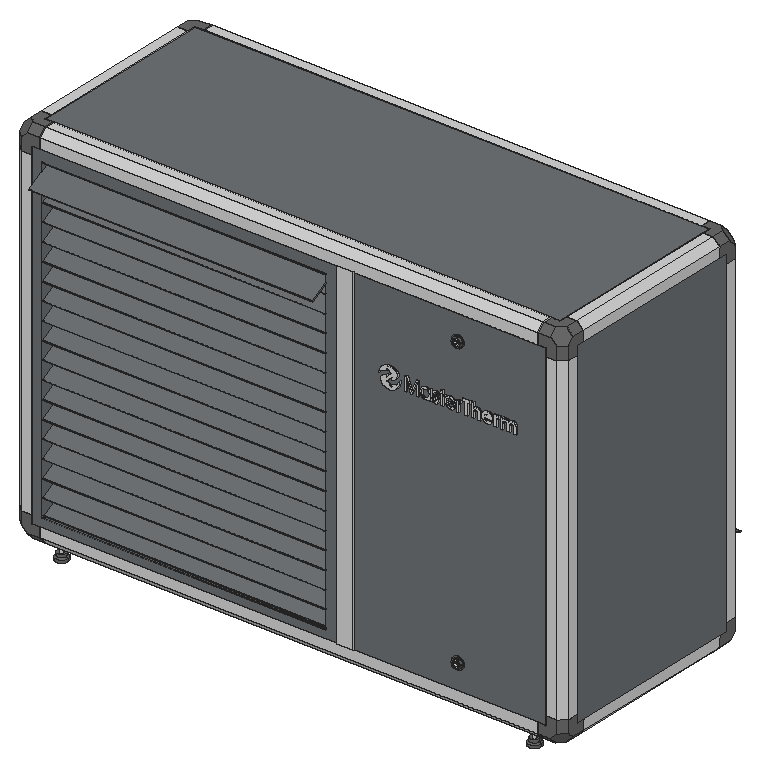
Revit family "BoxAir-Inverter-P_ENG-RFA-2022", category Mechanické zařízení, Revit 2022 (continued)
Types (4, lengths in mm): name | Model | MT_weight (kg) | MT_voltage (V) | MT_side grille W | MT_side grille H | MT_max. currnet – aux. heater (A) | MT_max. current – compressor (A) | MT_grille ext front Y | MT_front grille W | MT_front grille H | MT_clearance right | MT_clearance left | MT_clearance front | MT_cover front_Y-v2 | MT_cover top_Y | MT_cover top_X | MT_cover side_Y | MT_cover side_X | MT_cover front_Y | MT_cover front_X | MT_case width | MT_case height | MT_case depth | MT_angle length_Z | MT_angle length_Y | MT_angle length_X | MT_TYPE | Komentáře k typům
  BA22IP | "BoxAir 22 Intverter P" | 120 | 230 V | 446.00 | 805.00 | 16 A | 16 A | 755.00 | 726.00 | 805.00 | 1500.00 | 1500.00 | 1500.00 | -526.00 | 446.00 | 1224.00 | 805.00 | 446.00 | 805.00 | 1224.00 | 1304.00 | 885.00 | 526.00 | 765.00 | 406.00 | 1184.00 | 22 | "COMPRESSOR: BLDC Inverter; 25 – 120 rps; oil (PZ68S) – 0.3 l; max. op. current – 8 A; EVAPORATOR: Coil (Al/Cu); heat transfer area – 21 m2; fin spacing – 2.0 mm; max. overpress. – 4.2 MPa; max. air flow – 3000 m3/h; max. power in (fan) – 0.1 kW; fan diameter – 450 mm; speed (max.) – 700 1/min; LWA – 50 dB; defrost – reversal; CONDENSER: PHE; AISI316; water flow – 0.20 kg/s; min. flow – 0.10 kg/s; temp. difference – 5 K; water volume – 7.0 l; max. water overpress. – 250 kPa; max. refr. overpress. – 4.2 MPa; pump ext. head – 6.0 m; pump motor – 70 W; REFRIGERANT CIRCUIT: R290 (0.8 kg); PHE leak protection – 35% Propylene glycol; R290 leakage sensor – yes; AUX. HEATER: 5.7 + (2.8) kW; CONTROLS: controller – pCO5; EEV – yes; water probe – yes; SHW probe – yes; outdoor probe – yes; dynamic set point – yes; refrigerant probe – 2xPT; POWER SUPPLY: 1x230 (3x400) V; 50 Hz; max. current of compressor (aux. heater) – 16/(16)/(16) A; DIMENSIONS: hot water – 1\" (OD); 90x130x53 cm; 120 kg; LIMITS: max. water overpress. – 0.25 MPa; max. refr. overpress. – 2.9 MPa; air min./max.: -20/+35 °C; water min./max.: 20/65 °C"
  BA26IP | "BoxAir 26 Intverter P" | 130 | 230 V | 446.00 | 805.00 | 16 A | 20 A | 755.00 | 726.00 | 805.00 | 1500.00 | 1500.00 | 1500.00 | -526.00 | 446.00 | 1224.00 | 805.00 | 446.00 | 805.00 | 1224.00 | 1304.00 | 885.00 | 526.00 | 765.00 | 406.00 | 1184.00 | 26 | "COMPRESSOR: BLDC Inverter; 15 – 110 rps; oil (PZ68S) – 0.75 l; max. op. current – 21 A; EVAPORATOR: Coil (Al/Cu); heat transfer area – 21 m2; fin spacing – 2.0 mm; max. overpress. – 4.2 MPa; max. air flow – 3500 m3/h; max. power in (fan) – 0.1 kW; fan diameter – 450 mm; speed (max.) – 700 1/min; LWA – 53 dB; defrost – reversal; CONDENSER: PHE; AISI316; water flow – 0.27 kg/s; min. flow – 0.13 kg/s; temp. difference – 5 K; water volume – 7.0 l; max. water overpress. – 250 kPa; max. refr. overpress. – 4.2 MPa; pump ext. head – 6.0 m; pump motor – 70 W; REFRIGERANT CIRCUIT: R290 (0.9 kg); PHE leak protection – 35% Propylene glycol; R290 leakage sensor – yes; AUX. HEATER: 5.7 + (2.8) kW; CONTROLS: controller – pCO5; EEV – yes; water probe – yes; SHW probe – yes; outdoor probe – yes; dynamic set point – yes; refrigerant probe – 2xPT; POWER SUPPLY: 1x230 (3x400) V; 50 Hz; max. current of compressor (aux. heater) – 20/(16)/(16) A; DIMENSIONS: hot water – 1\" (OD); 90x130x53 cm; 130 kg; LIMITS: max. water overpress. – 0.25 MPa; max. refr. overpress. – 2.9 MPa; air min./max.: -20/+35 °C; water min./max.: 20/65 °C"
  BA37IP | "BoxAir 37 Intverter P" | 165 | 400 V | 448.00 | 1418.00 | 25 A | 20 A | 1368.00 | 730.00 | 1418.00 | 2000.00 | 2000.00 | 2000.00 | -528.00 | 448.00 | 1228.00 | 1418.00 | 448.00 | 1418.00 | 1228.00 | 1308.00 | 1498.00 | 528.00 | 1378.00 | 408.00 | 1188.00 | 37 | "COMPRESSOR: BLDC Inverter; 15 – 100 rps; oil (PZ68S) – 0.9 l; max. op. current – 21 A; EVAPORATOR: Coil (Al/Cu); heat transfer area – 42 m2; fin spacing – 2.0 mm; max. overpress. – 3.0 MPa; max. air flow – 8000 m3/h; max. power in (fan) – 0.2 kW; fan diameter – 2x450 mm; speed (max.) – 700 1/min; LWA – 55 dB; defrost – reversal; CONDENSER: PHE; AISI316; water flow – 0.46 kg/s; min. flow – 0.23 kg/s; temp. difference – 5 K; water volume – 10.9 l; max. water overpress. – 250 kPa; max. refr. overpress. – 3.0 MPa; pump ext. head – 6.0 m; pump motor – 130 W; REFRIGERANT CIRCUIT: R290 (1.55 kg); PHE leak protection – 35% Propylene glycol; R290 leakage sensor – yes; AUX. HEATER: 7.5 + (7.5) kW; CONTROLS: controller – pCO5; EEV – yes; water probe – yes; SHW probe – yes; outdoor probe – yes; dynamic set point – yes; refrigerant probe – 2xPT; POWER SUPPLY: 3x400 V; 50 Hz; max. current of compressor (aux. heater) – 20 (25) A; DIMENSIONS: hot water – 1\" (OD); 150x130x53 cm; 165 kg; LIMITS: max. water overpress. – 0.25 MPa; max. refr. overpress. – 2.9 MPa; air min./max.: -20/+35 °C; water min./max.: 20/65 °C"
  BA45IP | "BoxAir 45 Intverter P" | 185 | 400 V | 448.00 | 1418.00 | 32 A | 25 A | 1368.00 | 730.00 | 1418.00 | 2000.00 | 2000.00 | 2000.00 | -528.00 | 448.00 | 1228.00 | 1418.00 | 448.00 | 1418.00 | 1228.00 | 1308.00 | 1498.00 | 528.00 | 1378.00 | 408.00 | 1188.00 | 45 | "COMPRESSOR: BLDC Inverter; 15 – 90 rps; oil (HAF68D1U) – 2.0 l; max. op. current – 24 A; EVAPORATOR: Coil (Al/Cu); heat transfer area – 42 m2; fin spacing – 2.0 mm; max. overpress. – 3.0 MPa; max. air flow – 8000 m3/h; max. power in (fan) – 0.2 kW; fan diameter – 2x450 mm; speed (max.) – 700 1/min; LWA – 60 dB; defrost – reversal; CONDENSER: PHE; AISI316; water flow – 0.55 kg/s; min. flow – 0.27 kg/s; temp. difference – 5 K; water volume – 10.9 l; max. water overpress. – 250 kPa; max. refr. overpress. – 3.0 MPa; pump ext. head – 6.0 m; pump motor – 130 W; REFRIGERANT CIRCUIT: R290 (1.55 kg); PHE leak protection – 35% Propylene glycol; R290 leakage sensor – yes; AUX. HEATER: 7.5 + (7.5) kW; CONTROLS: controller – pCO5; EEV – yes; water probe – yes; SHW probe – yes; outdoor probe – yes; dynamic set point – yes; refrigerant probe – 2xPT; POWER SUPPLY: 3x400 V; 50 Hz; max. current of compressor (aux. heater) – 25 (32) A; DIMENSIONS: hot water – 1\" (OD); 150x130x53 cm; 185 kg; LIMITS: max. water overpress. – 0.25 MPa; max. refr. overpress. – 2.9 MPa; air min./max.: -20/+35 °C; water min./max.: 20/65 °C"
